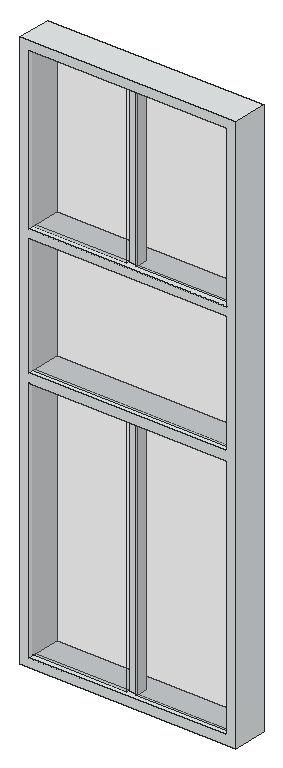
Revit family "Janela_Fachada_5Painel", category Windows, host Wall, Revit 2020
Family settings
  Host = Wall
  OmniClass Number = 23.30.20.00
  OmniClass Title = Windows
  Always vertical = Yes
  Cut with Voids When Loaded = No
  Shared = No
  Room Calculation Point = No
Parameters (values of type "JAN_125x320_FAC_5PA")
  Material_Vidro = CT_Vidros
  Material_Esquadria = CT_Esquadrias_Aluminio
  Height = 3.250 m
  Espess_Esquadria = 0.050 m
  Define Thermal Properties by = Schematic Type
  Default Sill Height = 0.800 m
  Wall Closure = By host
  Width = 1.250 m
  Analytic Construction = "<None>"
  Alt_Bandeira_Sup = 1.000 m
  Alt_Bandeira_Inf = 1.500 m
Reference planes (m)
  plane 1 "Center (Front/Back)": y = 0
  plane 2 "Center (Left/Right)": x = 0
  plane 3 "Left": x = -0.625
  plane 4 "Right": x = 0.625
  plane 5 "Sill": z = 0.8
  plane 6 "Head": z = 4.05
  plane 7 "Exterior": y = 0.1
  plane 8 "Interior": y = -0.1
  plane 9: z = 3.05
  plane 10: z = 2.3
Forms (m)
  Extrusion 1, solid, material "CT_Esquadrias_Aluminio" <- "Material_Esquadria"
    sketch origin (0, 0.1, 0) x (1, 0, 0) y (0, 0, 1)
      loop
        line (0.625, 4.05) -> (-0.625, 4.05) -> (-0.625, 0.8) -> (0.625, 0.8) -> (0.625, 4.05)
      loop
        line (-0.575, 4) -> (-0.575, 3.075) -> (0.575, 3.075) -> (0.575, 4) -> (-0.575, 4)
      loop
        line (-0.575, 3.025) -> (-0.575, 2.325) -> (0.575, 2.325) -> (0.575, 3.025) -> (-0.575, 3.025)
      loop
        line (-0.575, 0.85) -> (0.575, 0.85) -> (0.575, 2.275) -> (-0.575, 2.275) -> (-0.575, 0.85)
    from 0 to 0.2
  Extrusion 2, solid, material "CT_Vidros" <- "Material_Vidro"
    sketch origin (0, 0.1, 0) x (1, 0, 0) y (0, 0, 1)
      loop
        line (0.575, 4) -> (0.025, 4) -> (0.025, 3.075) -> (0.575, 3.075) -> (0.575, 4)
      loop
        line (-0.025, 4) -> (-0.575, 4) -> (-0.575, 3.075) -> (-0.025, 3.075) -> (-0.025, 4)
      loop
        line (0.575, 3.025) -> (-0.575, 3.025) -> (-0.575, 2.325) -> (0.575, 2.325) -> (0.575, 3.025)
      loop
        line (0.575, 2.275) -> (0.025, 2.275) -> (0.025, 0.85) -> (0.575, 0.85) -> (0.575, 2.275)
      loop
        line (-0.025, 2.275) -> (-0.575, 2.275) -> (-0.575, 0.85) -> (-0.025, 0.85) -> (-0.025, 2.275)
    from 0.158589 to 0.174642
  Extrusion 3, solid, material "CT_Esquadrias_Aluminio" <- "Material_Esquadria"
    sketch origin (0, 0.1, 0) x (-1, 0, 0) y (0, 0, 1)
      loop
        line (-0.025, 3.075) -> (0.025, 3.075) -> (0.025, 4) -> (-0.025, 4) -> (-0.025, 3.075)
    from -0.1 to -0.158589
  Extrusion 4, solid, material "CT_Esquadrias_Aluminio" <- "Material_Esquadria"
    sketch origin (0, 0.1, -1.94) x (-1, 0, 0) y (0, 0, 1)
      loop
        line (-0.025, 2.79) -> (0.025, 2.79) -> (0.025, 4.215) -> (-0.025, 4.215) -> (-0.025, 2.79)
    from -0.1 to -0.158589
Lines and regions (m)
  Opening 1
    outline origin (3.5, -0.1, 0) x (1, 0, 0) y (0, 0, 1)
      loop
        line (-2.875, 0.8) -> (-2.875, 4.05) -> (-4.125, 4.05) -> (-4.125, 0.8) -> (-2.875, 0.8)
Text (m)
  text "EXTERIOR" at (-1.963203, 1.332353, 0), in view "Ref. Level"
  text "INTERIOR" at (-1.981466, -0.818386, 0), in view "Ref. Level"
  text "Exterior" at (0, 0.923751, 2.943296), in view "Right"
  text "Exterior" at (0, 1.040484, 2.685409), in view "Left"
Dimensions and locks (m)
  equal spacing: plane 3 "Left", plane 2 "Center (Left/Right)", plane 4 "Right"
  "Width": plane 3 "Left" to plane 4 "Right"
  "Height": plane 5 "Sill" to plane 6 "Head"
  "Default Sill Height": plane 5 "Sill" to level
  locked: plane 7 "Exterior" to host wall
  locked: plane 8 "Interior" to host wall
  "Alt_Bandeira_Sup": plane 9 to plane 6 "Head"
  "Alt_Bandeira_Inf": plane 5 "Sill" to plane 10
  Extrusion 1 to Extrusion 1 = 0.050 m
  Extrusion 1 sketch curve to plane 9 = 0.025 m
  Extrusion 1 sketch curve to Extrusion 1 sketch curve = 0.050 m  (x2)
  "Espess_Esquadria": Extrusion 1 sketch curve to Extrusion 1 sketch curve  (x4)
  plane 10 to Extrusion 1 sketch curve = 0.025 m
  locked: Extrusion 1 to Extrusion 2 at 0.025358
  locked: Extrusion 2 to Extrusion 2 at 0.016053
  aligned and locked: plane 8 "Interior" to Extrusion 1
  aligned and locked: Extrusion 1 to plane 7 "Exterior"
  aligned and locked: plane 3 "Left" to Extrusion 1
  aligned and locked: Extrusion 1 to plane 4 "Right"
  aligned and locked: Extrusion 1 sketch curve to Extrusion 1 sketch curve  (x4)
  aligned and locked: Extrusion 1 to Extrusion 2 sketch curve  (x6)
  aligned and locked: Extrusion 2 sketch curve to Extrusion 1  (x6)
  aligned and locked: Extrusion 1 to Extrusion 3 sketch curve  (x2)
  aligned and locked: Extrusion 3 sketch curve to Extrusion 2  (x2)
  aligned and locked: Extrusion 3 to Extrusion 2
  aligned and locked: Extrusion 4 to Extrusion 1  (x2)
Automatic sketch dimensions
  plane 3 "Left" to Opening 1 sketch curve = 0.000 m
  Opening 1 sketch curve to plane 4 "Right" = 0.000 m
  Opening 1 sketch curve to plane 5 "Sill" = 0.000 m
  Opening 1 sketch curve to plane 6 "Head" = 0.000 m
  plane 2 "Center (Left/Right)" to Extrusion 2 sketch curve = 0.025 m  (x2)
  Extrusion 2 sketch curve to plane 2 "Center (Left/Right)" = 0.025 m  (x2)
  plane 9 to Extrusion 2 sketch curve = 0.025 m
  plane 6 "Head" to Extrusion 2 sketch curve = 0.050 m
  Extrusion 2 sketch curve to plane 5 "Sill" = 0.050 m
  Extrusion 2 sketch curve to plane 10 = 0.025 m
  Extrusion 1 to Extrusion 4 sketch curve = 0.000 m  (x2)
  Extrusion 1 to Extrusion 4 sketch curve = 0.550 m
  Extrusion 4 sketch curve to Extrusion 4 sketch curve = 0.050 m
  Extrusion 1 sketch curve to plane 3 "Left" = 0.000 m
  plane 4 "Right" to Extrusion 1 sketch curve = 0.000 m
  Extrusion 1 sketch curve to plane 5 "Sill" = 0.000 m
  Extrusion 1 sketch curve to plane 6 "Head" = 0.000 m
  Extrusion 1 sketch curve to plane 10 = 0.025 m
  Extrusion 1 sketch curve to plane 9 = 0.025 m
  plane 9 to Extrusion 1 sketch curve = 0.025 m
  plane 6 "Head" to Extrusion 1 sketch curve = 0.050 m
